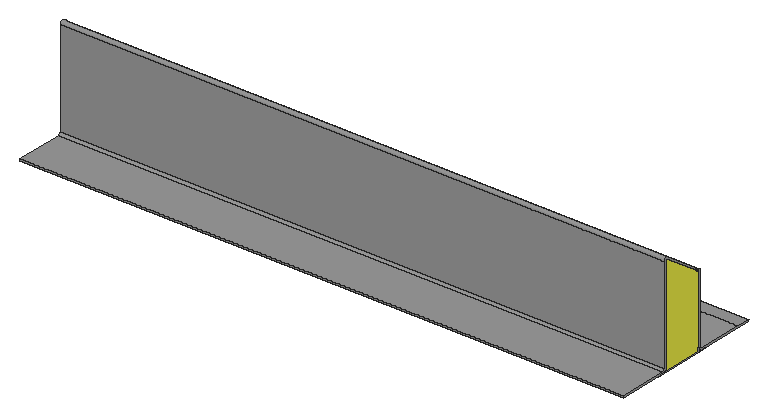
Revit family "XHD K 90 WOL", category Generic Models, Revit 2014
Parameters (values of type "Max lintel length 2100mm")
  URL = "http://www.keystonelintels.co.uk"
  Structural Opening [instance] = 900 mm
  Structural Performance = "The Keystone lintel range has safe working loads as detailed in each applicable loading table in the Keystone Lintel Guide brochure. The structural performance figures within each table have been ascertained by testing in accordance with the requirements of standards BS EN 5977-2: 1983 and BS EN 845-2: 2003."
  RIBA Productor Selector = "available for Keystone Lintels Ltd from Keystone Lintels Ltd from ribaproductselector.com"
  Model = "XHD/K 90 WOL"
  Min Length = 600 mm
  Min Clear Span = 300 mm
  Max Length = 2100 mm
  Max Clear Span = 2100 mm
  Material - Stainless Steel = "Grade 304 2b 1.4307 to BS EN 10088-2. Other grades available on request: contact manufacturer."
  Material - Galvanised Steel = "To BS EN 10346: 2009. DX51D plus Z600 or grade Z275 to BS 5977-2: 1983 (BS EN 845-2: 2003)."
  Manufacturer = "Keystone"
  Manufactured Length [instance] = (roundup(Effective Length / 150 mm) * 150 mm)  # 1200 mm
  Lintel height [instance] = 2100 mm
  Keynote = "F30/755"
  Fire Performance = "Keystone lintels have been subjected to a fire test (WARRES No. 101263) in accordance with BS 476-20: 1987, at Exova Warrington Fire and achieved a one hour fire performance."
  End Bearing = 150 mm
  Effective Length [instance] = Clear Opening with MIN MAX set + End Bearing * 2  # 1200 mm
  Corrosion = "Keystone’s standard range of lintels are manufactured from high quality grade pre-galvanized carbon steel with a zinc coating of 600"
  Contact Tel = "+44 (0)28 8676 2184"
  Contact Email = "info@keystonelintels.co.uk"
  Clear Opening with MIN MAX set [instance] = if(Structural Opening < Min Clear Span, Min Clear Span, (if(Structural Opening > Max Clear Span, Max Clear Span, Structural Opening)))  # 900 mm
  CPD Information = "Available for Keystone Lintels Ltd from ribacpd.com"
Reference planes
  plane 1 "Center (Front/Back)": y = 0
  plane 2: z = 0
  plane 3 "Center (Left/Right)": x = 0
  plane 4: x = -600
  plane 5: x = 600
  plane 6: z = 2100
  plane 7: x = -450
  plane 8: x = 450
Forms (mm)
  Extrusion 1, solid, material "Steel"
    sketch origin (0, 725.843, -509.096) x (0, 1, 0) y (0, 0, 1)
      loop
        line (-563.092, 2608.233) -> (-562.981, 2611.431) -> (-587.986, 2612.296) -> (-677.991, 2612.296)
        arc (-677.991, 2612.296) -> (-681.315, 2613.672) -> (-682.691, 2616.996) r 4.7
        line (-682.691, 2616.996) -> (-682.691, 2752.356)
        arc (-682.691, 2752.356) -> (-683.278, 2754.756) -> (-684.906, 2756.614) r 5.2
        line (-684.906, 2756.614) -> (-763.106, 2811.444)
        arc (-763.106, 2811.444) -> (-768.491, 2811.8) -> (-771.291, 2807.186) r 5.2
        line (-771.291, 2807.186) -> (-771.291, 2616.996)
        arc (-771.291, 2616.996) -> (-772.668, 2613.672) -> (-775.991, 2612.296) r 4.7
        line (-775.991, 2612.296) -> (-870.991, 2612.296) -> (-870.991, 2609.096) -> (-775.991, 2609.096)
        arc (-775.991, 2609.096) -> (-770.405, 2611.41) -> (-768.091, 2616.996) r 7.9
        line (-768.091, 2616.996) -> (-768.091, 2807.186)
        arc (-768.091, 2807.186) -> (-767.014, 2808.961) -> (-764.943, 2808.824) r 2
        line (-764.943, 2808.824) -> (-686.743, 2753.994)
        arc (-686.743, 2753.994) -> (-686.117, 2753.279) -> (-685.891, 2752.356) r 2
        line (-685.891, 2752.356) -> (-685.891, 2616.996)
        arc (-685.891, 2616.996) -> (-683.578, 2611.41) -> (-677.991, 2609.096) r 7.9
        line (-677.991, 2609.096) -> (-588.042, 2609.096) -> (-563.092, 2608.233)
    from -600 to 600
  Extrusion 2, solid, material "Steel"
    sketch origin (0, 725.843, -509.096) x (0, 1, 0) y (0, 0, 1)
      loop
        line (-669.491, 2608.096) -> (-669.491, 2609.096) -> (-686.491, 2609.096) -> (-686.491, 2617.096) -> (-687.491, 2617.096) -> (-687.491, 2609.096) -> (-784.491, 2609.096) -> (-784.491, 2608.096) -> (-669.491, 2608.096)
    from -600 to 600
  Extrusion 3, solid, material "Insulation"
    sketch origin (0, 725.843, -509.096) x (0, 1, 0) y (0, 0, 1)
      loop
        line (-686.491, 2609.096) -> (-677.991, 2609.096)
        arc (-677.991, 2609.096) -> (-683.578, 2611.41) -> (-685.891, 2616.996) r 7.9
        line (-685.891, 2616.996) -> (-685.891, 2752.356)
        arc (-685.891, 2752.356) -> (-686.117, 2753.279) -> (-686.743, 2753.994) r 2
        line (-686.743, 2753.994) -> (-764.943, 2808.824)
        arc (-764.943, 2808.824) -> (-767.014, 2808.961) -> (-768.091, 2807.186) r 2
        line (-768.091, 2807.186) -> (-768.091, 2616.996)
        arc (-768.091, 2616.996) -> (-770.405, 2611.41) -> (-775.991, 2609.096) r 7.9
        line (-775.991, 2609.096) -> (-687.491, 2609.096) -> (-687.491, 2617.096) -> (-686.491, 2617.096) -> (-686.491, 2609.096)
    from -600 to 600
  Extrusion 4, solid, not visible
    sketch origin (0, 933.444, 1312.017) x (0, 1, 0) y (0, 0, 1)
      loop
        line (-563.092, 1008.233) -> (-562.981, 1011.431) -> (-587.986, 1012.296) -> (-677.991, 1012.296)
        arc (-677.991, 1012.296) -> (-681.315, 1013.672) -> (-682.691, 1016.996) r 4.7
        line (-682.691, 1016.996) -> (-682.691, 1152.356)
        arc (-682.691, 1152.356) -> (-683.278, 1154.756) -> (-684.906, 1156.614) r 5.2
        line (-684.906, 1156.614) -> (-763.106, 1211.444)
        arc (-763.106, 1211.444) -> (-768.491, 1211.8) -> (-771.291, 1207.186) r 5.2
        line (-771.291, 1207.186) -> (-771.291, 1016.996)
        arc (-771.291, 1016.996) -> (-772.668, 1013.672) -> (-775.991, 1012.296) r 4.7
        line (-775.991, 1012.296) -> (-870.991, 1012.296) -> (-870.991, 1009.096) -> (-775.991, 1009.096)
        arc (-775.991, 1009.096) -> (-770.405, 1011.41) -> (-768.091, 1016.996) r 7.9
        line (-768.091, 1016.996) -> (-768.091, 1207.186)
        arc (-768.091, 1207.186) -> (-767.014, 1208.961) -> (-764.943, 1208.824) r 2
        line (-764.943, 1208.824) -> (-686.743, 1153.994)
        arc (-686.743, 1153.994) -> (-686.117, 1153.279) -> (-685.891, 1152.356) r 2
        line (-685.891, 1152.356) -> (-685.891, 1016.996)
        arc (-685.891, 1016.996) -> (-683.578, 1011.41) -> (-677.991, 1009.096) r 7.9
        line (-677.991, 1009.096) -> (-588.042, 1009.096) -> (-563.092, 1008.233)
    from 0 to 250
  Extrusion 5, solid, not visible
    sketch origin (0, 612.194, 1303.155) x (0, 1, 0) y (0, 0, 1)
      loop
        line (-686.491, 1009.096) -> (-677.991, 1009.096)
        arc (-677.991, 1009.096) -> (-683.578, 1011.41) -> (-685.891, 1016.996) r 7.9
        line (-685.891, 1016.996) -> (-685.891, 1152.356)
        arc (-685.891, 1152.356) -> (-686.117, 1153.279) -> (-686.743, 1153.994) r 2
        line (-686.743, 1153.994) -> (-764.943, 1208.824)
        arc (-764.943, 1208.824) -> (-767.014, 1208.961) -> (-768.091, 1207.186) r 2
        line (-768.091, 1207.186) -> (-768.091, 1016.996)
        arc (-768.091, 1016.996) -> (-770.405, 1011.41) -> (-775.991, 1009.096) r 7.9
        line (-775.991, 1009.096) -> (-687.491, 1009.096) -> (-687.491, 1017.096) -> (-686.491, 1017.096) -> (-686.491, 1009.096)
    from 0 to 250
  Extrusion 6, solid, not visible
    sketch origin (0, 968.155, 977.027) x (0, 1, 0) y (0, 0, 1)
      loop
        line (-669.491, 1008.096) -> (-669.491, 1009.096) -> (-686.491, 1009.096) -> (-686.491, 1017.096) -> (-687.491, 1017.096) -> (-687.491, 1009.096) -> (-784.491, 1009.096) -> (-784.491, 1008.096) -> (-669.491, 1008.096)
    from 0 to 250
Dimensions and locks
  equal spacing: plane 4, plane 3 "Center (Left/Right)", plane 5
  "Manufactured Length": plane 4 to plane 5
  "Lintel height": plane 6 to level
  "Structural Opening": plane 7 to plane 8
  equal spacing: plane 7, plane 3 "Center (Left/Right)", plane 8
  aligned and locked: level to plane 2
  aligned and locked: Extrusion 1 to plane 6
  aligned and locked: Extrusion 3 to plane 6
  aligned and locked: plane 6 to Extrusion 2
  aligned and locked: plane 5 to Extrusion 1
  aligned and locked: Extrusion 1 to plane 4
  aligned and locked: plane 5 to Extrusion 3
  aligned and locked: Extrusion 3 to plane 4
  aligned and locked: plane 5 to Extrusion 2
  aligned and locked: Extrusion 2 to plane 4
Automatic sketch dimensions
  Extrusion 1 sketch curve to Extrusion 1 sketch curve = 24.95 mm
  Extrusion 1 sketch curve to Extrusion 1 sketch curve = 0.111 mm
  Extrusion 1 sketch curve to Extrusion 1 sketch curve = 0.863 mm
  Extrusion 1 sketch curve to Extrusion 1 sketch curve = 0.055 mm
  Extrusion 1 sketch curve to Extrusion 1 sketch curve = 89.95 mm
  Extrusion 1 sketch curve to Extrusion 1 sketch curve = 0 mm  (x17)
  Extrusion 1 sketch curve to Extrusion 1 sketch curve = 4.7 mm  (x2)
  Extrusion 1 sketch curve to Extrusion 1 sketch curve = 135.361 mm
  Extrusion 1 sketch curve to Extrusion 1 sketch curve = 2 mm
  Extrusion 1 sketch curve to Extrusion 1 sketch curve = 0.852 mm
  Extrusion 1 sketch curve to Extrusion 1 sketch curve = 78.2 mm
  Extrusion 1 sketch curve to Extrusion 1 sketch curve = 54.83 mm
  Extrusion 1 sketch curve to Extrusion 1 sketch curve = 1.837 mm  (x2)
  Extrusion 1 sketch curve to Extrusion 1 sketch curve = 2.62 mm
  Extrusion 1 sketch curve to Extrusion 1 sketch curve = 1.148 mm
  Extrusion 1 sketch curve to Extrusion 1 sketch curve = 1.638 mm
  Extrusion 1 sketch curve to Extrusion 1 sketch curve = 95 mm
  Extrusion 2 sketch curve to Extrusion 2 sketch curve = 115 mm
  Extrusion 2 sketch curve to Extrusion 2 sketch curve = 1 mm  (x2)
  Extrusion 2 sketch curve to Extrusion 2 sketch curve = 17 mm
  Extrusion 2 sketch curve to Extrusion 2 sketch curve = 8 mm
  Extrusion 2 sketch curve to Extrusion 2 sketch curve = 0 mm
  Extrusion 3 sketch curve to Extrusion 3 sketch curve = 7.9 mm  (x4)
  Extrusion 3 sketch curve to Extrusion 3 sketch curve = 0.6 mm
  Extrusion 3 sketch curve to Extrusion 3 sketch curve = 0 mm  (x3)
  Extrusion 3 sketch curve to Extrusion 3 sketch curve = 0.1 mm
  Extrusion 3 sketch curve to Extrusion 3 sketch curve = 1 mm
  Extrusion 3 sketch curve to Extrusion 3 sketch curve = 135.261 mm
  Extrusion 3 sketch curve to Extrusion 3 sketch curve = 88.5 mm
  Extrusion 3 sketch curve to Extrusion 3 sketch curve = 54.83 mm
  Extrusion 3 sketch curve to Extrusion 3 sketch curve = 2 mm
  Extrusion 3 sketch curve to Extrusion 3 sketch curve = 0.852 mm
  Extrusion 3 sketch curve to Extrusion 3 sketch curve = 3.148 mm
  Extrusion 3 sketch curve to Extrusion 3 sketch curve = 1.638 mm
  Extrusion 4 sketch curve to Extrusion 4 sketch curve = 24.95 mm
  Extrusion 4 sketch curve to Extrusion 4 sketch curve = 0.111 mm
  Extrusion 4 sketch curve to Extrusion 4 sketch curve = 0.863 mm
  Extrusion 4 sketch curve to Extrusion 4 sketch curve = 0.055 mm
  Extrusion 4 sketch curve to Extrusion 4 sketch curve = 89.95 mm
  Extrusion 4 sketch curve to Extrusion 4 sketch curve = 0 mm  (x17)
  Extrusion 4 sketch curve to Extrusion 4 sketch curve = 4.7 mm  (x2)
  Extrusion 4 sketch curve to Extrusion 4 sketch curve = 135.361 mm
  Extrusion 4 sketch curve to Extrusion 4 sketch curve = 2 mm
  Extrusion 4 sketch curve to Extrusion 4 sketch curve = 0.852 mm
  Extrusion 4 sketch curve to Extrusion 4 sketch curve = 78.2 mm
  Extrusion 4 sketch curve to Extrusion 4 sketch curve = 54.83 mm
  Extrusion 4 sketch curve to Extrusion 4 sketch curve = 1.837 mm  (x2)
  Extrusion 4 sketch curve to Extrusion 4 sketch curve = 2.62 mm
  Extrusion 4 sketch curve to Extrusion 4 sketch curve = 1.148 mm
  Extrusion 4 sketch curve to Extrusion 4 sketch curve = 1.638 mm
  Extrusion 4 sketch curve to Extrusion 4 sketch curve = 95 mm
  Extrusion 5 sketch curve to Extrusion 5 sketch curve = 7.9 mm  (x4)
  Extrusion 5 sketch curve to Extrusion 5 sketch curve = 0.6 mm
  Extrusion 5 sketch curve to Extrusion 5 sketch curve = 0 mm  (x3)
  Extrusion 5 sketch curve to Extrusion 5 sketch curve = 0.1 mm
  Extrusion 5 sketch curve to Extrusion 5 sketch curve = 1 mm
  Extrusion 5 sketch curve to Extrusion 5 sketch curve = 135.261 mm
  Extrusion 5 sketch curve to Extrusion 5 sketch curve = 88.5 mm
  Extrusion 5 sketch curve to Extrusion 5 sketch curve = 54.83 mm
  Extrusion 5 sketch curve to Extrusion 5 sketch curve = 2 mm
  Extrusion 5 sketch curve to Extrusion 5 sketch curve = 0.852 mm
  Extrusion 5 sketch curve to Extrusion 5 sketch curve = 3.148 mm
  Extrusion 5 sketch curve to Extrusion 5 sketch curve = 1.638 mm
  Extrusion 6 sketch curve to Extrusion 6 sketch curve = 115 mm
  Extrusion 6 sketch curve to Extrusion 6 sketch curve = 1 mm  (x2)
  Extrusion 6 sketch curve to Extrusion 6 sketch curve = 17 mm
  Extrusion 6 sketch curve to Extrusion 6 sketch curve = 8 mm
  Extrusion 6 sketch curve to Extrusion 6 sketch curve = 0 mm
  Extrusion 3 sketch curve to plane 6 = 0 mm
  plane 1 "Center (Front/Back)" to Extrusion 3 sketch curve = 50.148 mm
  Extrusion 1 sketch curve to plane 6 = 0 mm
  plane 1 "Center (Front/Back)" to Extrusion 1 sketch curve = 145.148 mm
  Extrusion 2 sketch curve to plane 6 = 0 mm
  plane 1 "Center (Front/Back)" to Extrusion 2 sketch curve = 58.648 mm
